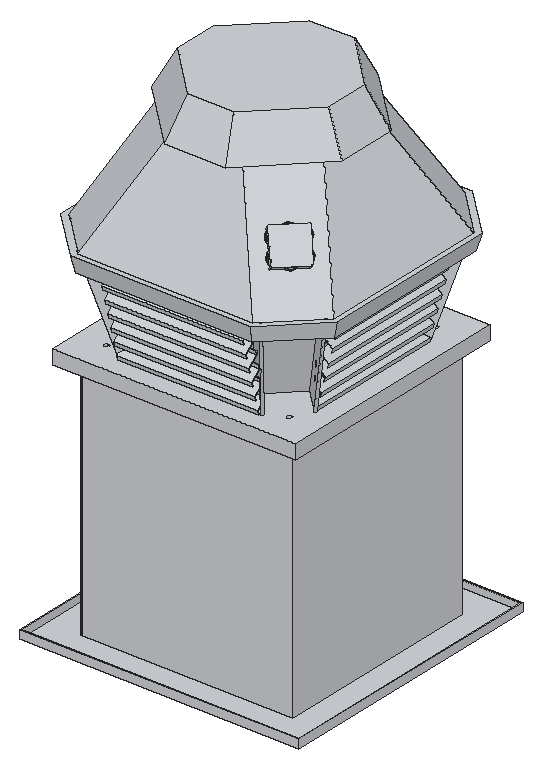
Revit family "ВентКлиматСтрой Вентилятор дымоудаления крышный радиальный ВКР", category Оборудование, Revit 2019 (continued)
Types (13, lengths in mm): name | Полюсов | МинРазмерШахты | Марка двигателя | w | d | b | ang | STM_C | STM_B | STM_A | h | H3 | H2 | Lw, дБА | H1' | H1 | H | E1 | E | B1 | B | ADSK_Частота вращения двигателя | ADSK_Частота вращения вентилятора | ADSK_Ток | ADSK_Полная мощность | ADSK_Номинальная мощность | ADSK_Коэффициент мощности | D | ADSK_Наименование | ADSK_Масса | ADSK_Марка | A
  ВКР-5ДУ | 6 | 645 | "АИР71B6" | 121 | 11.3 | 30 | 79.67° | 565 | 830 | 665 | 40 | 225 | 112.5 | 86 | 297.5 | 337.5 | 750 | 287.5 | 700 | 605 | 665 | 920 | 920 | 1.2856 A | 846.154 VA | 550 W | 0.65 | 500 | "Вентилятор крышный радиальный с выходом потока вверх для систем дымоудаления при пожаре №5, общепромышленного исполнения, с электродвигателем мощностью 0.55 кВт, число полюсов 6" | 63.5 | "ВКР-5ДУ 0.55/920" | 535
  ВКР-5,6ДУ | 6 | 705 | "АИР71B6" | 150 | 13.3 | 40 | 84.52° | 625 | 890 | 725 | 40 | 270 | 135 | 89 | 365 | 405 | 900 | 455 | 950 | 880 | 940 | 920 | 920 | 1.2856 A | 846.154 VA | 550 W | 0.65 | 560 | "Вентилятор крышный радиальный с выходом потока вверх для систем дымоудаления при пожаре №5,6, общепромышленного исполнения, с электродвигателем мощностью 0.55 кВт, число полюсов 6" | 89.1 | "ВКР-5,6ДУ 0.55/920" | 750
  ВКР-6,3ДУ | 6 | 775 | "АИР80B6" | 150 | 13.3 | 40 | 84.52° | 695 | 960 | 790 | 40 | 270 | 135 | 93 | 365 | 405 | 900 | 455 | 950 | 880 | 940 | 910 | 910 | 2.22837 A | 1466.67 VA | 1100 W | 0.75 | 630 | "Вентилятор крышный радиальный с выходом потока вверх для систем дымоудаления при пожаре №6,3, общепромышленного исполнения, с электродвигателем мощностью 1.1 кВт, число полюсов 6" | 101 | "ВКР-6,3ДУ 1.1/910" | 750
  ВКР-7,1ДУ | 8 | 855 | "АИР90LB8" | 150 | 13.3 | 40 | 84.82° | 775 | 1040 | 875 | 50 | 309 | 150 | 81 | 413.5 | 463.5 | 1030 | 458.5 | 1025 | 950 | 1010 | 700 | 700 | 2.22837 A | 1466.67 VA | 1100 W | 0.75 | 710 | "Вентилятор крышный радиальный с выходом потока вверх для систем дымоудаления при пожаре №7,1, общепромышленного исполнения, с электродвигателем мощностью 1.1 кВт, число полюсов 8" | 167.5 | "ВКР-7,1ДУ 1.1/700" | 840
  ВКР-8ДУ | 8 | 945 | "АИР112MA8" | 150 | 16 | 40 | 80.43° | 865 | 1210 | 1050 | 50 | 349.5 | 150 | 85 | 474.25 | 524.25 | 1165 | 709.25 | 1350 | 1190 | 1250 | 720 | 720 | 4.45674 A | 2933.33 VA | 2200 W | 0.75 | 800 | "Вентилятор крышный радиальный с выходом потока вверх для систем дымоудаления при пожаре №8, общепромышленного исполнения, с электродвигателем мощностью 2.2 кВт, число полюсов 8" | 225 | "ВКР-8ДУ 2.2/720" | 1050
  ВКР-9ДУ | 8 | 1045 | "АИР112MB8" | 150 | 16 | 40 | 81.13° | 965 | 1230 | 1090 | 50 | 375 | 150 | 89 | 512.5 | 562.5 | 1250 | 662.5 | 1350 | 1190 | 1250 | 710 | 710 | 6.07737 A | 4000 VA | 3000 W | 0.75 | 900 | "Вентилятор крышный радиальный с выходом потока вверх для систем дымоудаления при пожаре №9, общепромышленного исполнения, с электродвигателем мощностью 3 кВт, число полюсов 8" | 250.5 | "ВКР-9ДУ 3/710" | 1050
  ВКР-10ДУ | 8 | 1145 | "АИР132M8" | 150 | 18 | 40 | 77.12° | 1065 | 1420 | 1260 | 50 | 456 | 150 | 92 | 634 | 684 | 1520 | 744 | 1580 | 1290 | 1350 | 720 | 720 | 9.83104 A | 6470.59 VA | 5500 W | 0.85 | 1000 | "Вентилятор крышный радиальный с выходом потока вверх для систем дымоудаления при пожаре №10, общепромышленного исполнения, с электродвигателем мощностью 5.5 кВт, число полюсов 8" | 397 | "ВКР-10ДУ 5.5/720" | 1150
  ВКР-11,2ДУ | 8 | 1265 | "АИР160M8" | 150 | 18 | 40 | 77.12° | 1185 | 1450 | 1390 | 50 | 456 | 150 | 87 | 634 | 684 | 1520 | 744 | 1580 | 1290 | 1350 | 730 | 730 | 19.6621 A | 12941.2 VA | 11000 W | 0.85 | 1120 | "Вентилятор крышный радиальный с выходом потока вверх для систем дымоудаления при пожаре №11,2, общепромышленного исполнения, с электродвигателем мощностью 11 кВт, число полюсов 8" | 491 | "ВКР-11,2ДУ 11/730" | 1150
  ВКР-12,5ДУ | 8 | 1395 | "АИР180M8" | 150 | 18 | 40 | 78.09° | 1360 | 1700 | 1545 | 50 | 501 | 150 | 90 | 701.5 | 751.5 | 1670 | 781.5 | 1700 | 1404 | 1464 | 730 | 730 | 26.8119 A | 17647.1 VA | 15000 W | 0.85 | 1250 | "Вентилятор крышный радиальный с выходом потока вверх для систем дымоудаления при пожаре №12,5, общепромышленного исполнения, с электродвигателем мощностью 15 кВт, число полюсов 8" | 630 | "ВКР-12,5ДУ 15/730" | 1264
